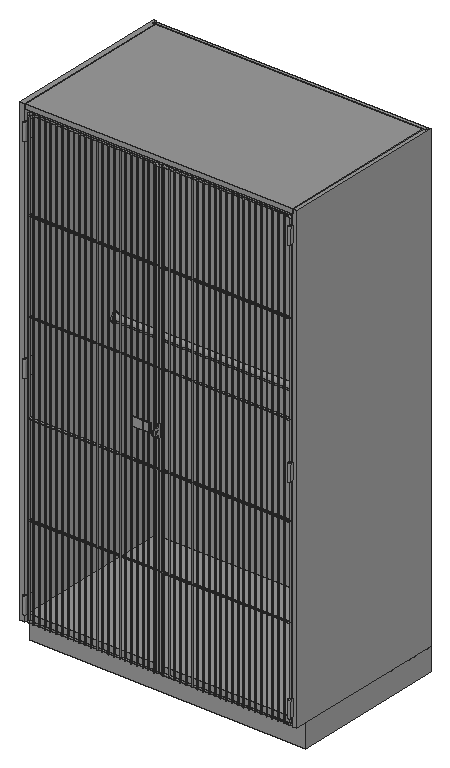
Revit family "TMI_M3105-Music_WireDoors1", category Casework, Revit 2016
Family settings
  OmniClass Number = 23.40.35.14.11
  OmniClass Title = Modular Casework
  Work Plane-Based = No
  Always vertical = Yes
  Cut with Voids When Loaded = No
  Shared = No
  Room Calculation Point = No
Parameters (values of type "48" x 84-1/2" x 29"")
  URL = "www.tmisystems.com"
  Toe Kick Height = 4"
  Toe Kick Depth = 2"
  Model = "M3105"
  Manufacturer = "TMI Systems Corporation"
  Interior Finish = none
  Filler Width (Left) [instance] = 3"
  Filler Right [instance] = no
  Filler Left [instance] = no
  Filler Width (Right) [instance] = 3"
  Description = "Uniforms, Robes"
  Depth = 29"
  Height = 84 1/2"
  Width = 48"
  Casework Thickness = 3/4"
  Casework Back Thickness = 1/2"
  Cabinet Finish = Plastic Laminate
  Assembly Code = ""
Types (2): name | Depth
  48" x 84-1/2" x 29" | 29"
  48" x 84-1/2" x 23" | 23"
Reference planes (in)
  plane 1 "Back": y = 15
  plane 2: z = 0
  plane 3 "Center (Left/Right)": x = 0.7377
  plane 4 "Left": x = -23.2623
  plane 5 "Right": x = 24.7377
  plane 6 "Front": y = -14
  plane 7 "Top": z = 84.5
  plane 8: y = 14.375
  plane 9: x = -22.5123
  plane 10: x = 23.9877
  plane 11: z = 83.75
  plane 12: y = 14.875
  plane 13: y = -12
  plane 14: z = 4
  plane 15: z = 5.125
  plane 16: y = -13.61906
  plane 17: y = -11.25
  plane 18: y = -13.25
  plane 19: y = -13.49461
  plane 20: z = 42.25
  plane 21: z = 83.25
  plane 22: x = 24.3627
  plane 23: x = -22.8873
  plane 24: y = -13.60344
  plane 25: y = 5.375
  plane 26: z = 80.75
  plane 27: x = -22.3873
  plane 28: x = 23.8627
  plane 29: z = 42.875
  plane 30: x = -0.5748
  plane 31: x = -3.7623
  plane 32: z = 42.5625
  plane 33: z = 41.0625
  plane 34: y = -14.125
Forms (in)
  Extrusion 1, solid, material "Plastic Laminate" <- "Cabinet Finish"
    sketch origin (0, 0.21844, 0) x (1, 0, 0) y (0, 1, 0)
      loop
        line (-23.2623, 14.78156) -> (-23.2623, -14.21844) -> (-22.5123, -14.21844) -> (-22.5123, 14.15656) -> (-22.88677, 14.15656) -> (-22.88677, 14.78156) -> (-23.2623, 14.78156)
      loop
        line (24.36077, 14.78156) -> (24.36077, 14.15656) -> (23.9877, 14.15656) -> (23.9877, -14.21844) -> (24.7377, -14.21844) -> (24.7377, 14.78156) -> (24.36077, 14.78156)
    from 4 to 84.5
  Extrusion 2, solid, material "Plastic Laminate" <- "Cabinet Finish"
    sketch origin (0.84915, 11.94613, -1.44731) x (1, 0, 0) y (0, 0, 1)
      loop
        line (-23.36145, 6.57231) -> (-23.36145, 5.44731) -> (23.13855, 5.44731) -> (23.13855, 6.57231) -> (-23.36145, 6.57231)
    from -2.42887 to 25.54956
  Extrusion 3, solid, material "Plastic Laminate" <- "Cabinet Finish"
    sketch origin (0, 0, 0) x (1, 0, 0) y (0, 1, 0)
      loop
        line (-22.88677, 14.875) -> (-22.88677, 14.375) -> (24.36077, 14.375) -> (24.36077, 14.875) -> (-22.88677, 14.875)
    from 84.5 to 4
  Extrusion 4, solid, material "Plastic Laminate" <- "Cabinet Finish", visible <- "Filler Right"
    sketch origin (0, -14, 0) x (1, 0, 0) y (0, 0, 1)
      loop
        line (24.7377, 84.5) -> (24.7377, 4) -> (27.7377, 4) -> (27.7377, 84.5) -> (24.7377, 84.5)
    from -0.75 to 0
  Extrusion 5, solid, material "Plastic Laminate" <- "Cabinet Finish", visible <- "Filler Left"
    sketch origin (0, -14, 0) x (1, 0, 0) y (0, 0, 1)
      loop
        line (-26.2623, 84.5) -> (-26.2623, 4) -> (-23.2623, 4) -> (-23.2623, 84.5) -> (-26.2623, 84.5)
    from -0.75 to 0
  Extrusion 6, solid, material "Wood"
    sketch origin (0, 0, 0) x (1, 0, 0) y (0, 0, 1)
      loop
        line (24.7377, 4) -> (-23.2623, 4) -> (-23.2623, 0) -> (24.7377, 0) -> (24.7377, 4)
    from -15 to 12
  Extrusion 7, solid, material "Wood", visible <- "Filler Right"
    sketch origin (0, 0, 0) x (1, 0, 0) y (0, 0, 1)
      loop
        line (27.7377, 4) -> (24.7377, 4) -> (24.7377, 0) -> (27.7377, 0) -> (27.7377, 4)
    from 11.25 to 12
  Extrusion 8, solid, material "Wood", visible <- "Filler Left"
    sketch origin (0, 0, 0) x (1, 0, 0) y (0, 0, 1)
      loop
        line (-23.2623, 4) -> (-26.2623, 4) -> (-26.2623, 0) -> (-23.2623, 0) -> (-23.2623, 4)
    from 11.25 to 12
  Extrusion 9, solid, material "Plastic Laminate" <- "Cabinet Finish"
    sketch origin (0, 15, 0) x (1, 0, 0) y (0, 0, 1)
      loop
        line (-22.5123, 84.5) -> (-22.5123, 83.75) -> (23.9877, 83.75) -> (23.9877, 84.5) -> (-22.5123, 84.5)
    from 0.625 to 29
  Extrusion 10, solid, material "Steel, Chrome"
    sketch origin (-23.2623, 0, 0) x (0, -1, 0) y (0, 0, 1)
      loop
        circle (-5.375, 80.75) r 0.5625
    from -47.25 to -0.75
  Extrusion 11, solid, material "Steel, Chrome"
    sketch origin (-23.2623, 0, 0) x (0, -1, 0) y (0, 0, 1)
      loop
        arc (-5.24454, 81.83318) -> (-5.375, 81.89022) -> (-5.50546, 81.83318) r 0.17773
        line (-5.50546, 81.83318) -> (-6.063, 81.0425)
        arc (-6.063, 81.0425) -> (-6.1437, 80.75) -> (-6.063, 80.4575) r 0.5704
        line (-6.063, 80.4575) -> (-5.50546, 79.63092)
        arc (-5.50546, 79.63092) -> (-5.375, 79.57388) -> (-5.24454, 79.63092) r 0.17773
        line (-5.24454, 79.63092) -> (-4.687, 80.4575)
        arc (-4.687, 80.4575) -> (-4.6063, 80.75) -> (-4.687, 81.0425) r 0.5704
        line (-4.687, 81.0425) -> (-5.24454, 81.83318)
      loop
        circle (-5.375, 81.63902) r 0.125
      loop
        circle (-5.375, 79.86098) r 0.125
      loop
        circle (-5.375, 80.75) r 0.5625
    from -0.875 to -0.75
  Extrusion 12, solid, material "Steel, Chrome"
    sketch origin (14.2377, 0, 0) x (0, -1, 0) y (0, 0, -1)
      loop
        line (-5.24454, -81.83318) -> (-4.687, -81.0425)
        arc (-4.687, -81.0425) -> (-4.6063, -80.75) -> (-4.687, -80.4575) r 0.5704
        line (-4.687, -80.4575) -> (-5.24454, -79.63092)
        arc (-5.24454, -79.63092) -> (-5.375, -79.57388) -> (-5.50546, -79.63092) r 0.17773
        line (-5.50546, -79.63092) -> (-6.063, -80.4575)
        arc (-6.063, -80.4575) -> (-6.1437, -80.75) -> (-6.063, -81.0425) r 0.5704
        line (-6.063, -81.0425) -> (-5.50546, -81.83318)
        arc (-5.50546, -81.83318) -> (-5.375, -81.89022) -> (-5.24454, -81.83318) r 0.17773
      loop
        circle (-5.375, -81.63902) r 0.125
      loop
        circle (-5.375, -79.86098) r 0.125
      loop
        circle (-5.375, -80.75) r 0.5625
    from 9.625 to 9.75
  Extrusion 13, solid, material "Steel, Chrome"
    sketch origin (-23.2623, 0, -34) x (0, -1, 0) y (0, 0, 1)
      loop
        circle (-5.375, 76.875) r 0.5625
    from -47.25 to -0.75
  Extrusion 14, solid, material "Steel, Chrome"
    sketch origin (-23.2623, 0, -34) x (0, -1, 0) y (0, 0, 1)
      loop
        arc (-5.24454, 77.95818) -> (-5.375, 78.01522) -> (-5.50546, 77.95818) r 0.17773
        line (-5.50546, 77.95818) -> (-6.063, 77.1675)
        arc (-6.063, 77.1675) -> (-6.1437, 76.875) -> (-6.063, 76.5825) r 0.5704
        line (-6.063, 76.5825) -> (-5.50546, 75.75592)
        arc (-5.50546, 75.75592) -> (-5.375, 75.69888) -> (-5.24454, 75.75592) r 0.17773
        line (-5.24454, 75.75592) -> (-4.687, 76.5825)
        arc (-4.687, 76.5825) -> (-4.6063, 76.875) -> (-4.687, 77.1675) r 0.5704
        line (-4.687, 77.1675) -> (-5.24454, 77.95818)
      loop
        circle (-5.375, 77.76402) r 0.125
      loop
        circle (-5.375, 75.98598) r 0.125
      loop
        circle (-5.375, 76.875) r 0.5625
    from -0.875 to -0.75
  Extrusion 15, solid, material "Steel, Chrome"
    sketch origin (14.2377, 0, -34) x (0, -1, 0) y (0, 0, -1)
      loop
        line (-5.24454, -77.95818) -> (-4.687, -77.1675)
        arc (-4.687, -77.1675) -> (-4.6063, -76.875) -> (-4.687, -76.5825) r 0.5704
        line (-4.687, -76.5825) -> (-5.24454, -75.75592)
        arc (-5.24454, -75.75592) -> (-5.375, -75.69888) -> (-5.50546, -75.75592) r 0.17773
        line (-5.50546, -75.75592) -> (-6.063, -76.5825)
        arc (-6.063, -76.5825) -> (-6.1437, -76.875) -> (-6.063, -77.1675) r 0.5704
        line (-6.063, -77.1675) -> (-5.50546, -77.95818)
        arc (-5.50546, -77.95818) -> (-5.375, -78.01522) -> (-5.24454, -77.95818) r 0.17773
      loop
        circle (-5.375, -77.76402) r 0.125
      loop
        circle (-5.375, -75.98598) r 0.125
      loop
        circle (-5.375, -76.875) r 0.5625
    from 9.625 to 9.75
  Extrusion 16, solid
    sketch origin (0, -14, 0) x (1, 0, 0) y (0, 0, 1)
      loop
        line (-3.7623, 42.5625) -> (-3.7623, 41.0625) -> (-0.5748, 41.0625) -> (-0.5748, 42.5625) -> (-3.7623, 42.5625)
    from 0 to 0.125
Lines and regions (in)
  Masking region 1
    outline origin (44.5, 0, 0) x (1, 0, 0) y (0, 1, 0)
      loop
        line (-67.7623, 15) -> (-67.7623, -14) -> (-19.7623, -14) -> (-19.7623, 15) -> (-67.7623, 15)
  Masking region 2, visible <- "Filler Left"
    outline origin (0, 0, 0) x (1, 0, 0) y (0, 1, 0)
      loop
        line (-26.2623, -13.25) -> (-26.2623, -14) -> (-23.2623, -14) -> (-23.2623, -13.25) -> (-26.2623, -13.25)
  Masking region 3, visible <- "Filler Right"
    outline origin (0, 0, 0) x (1, 0, 0) y (0, 1, 0)
      loop
        line (24.7377, -13.25) -> (24.7377, -14) -> (27.7377, -14) -> (27.7377, -13.25) -> (24.7377, -13.25)
  symbolic lines, style "CaseworkHiddenLines"
    curve 1: line (-0.1998, -14, 0) -> (-0.3248, -14, 0)
    curve 2: line (1.9252, -14, 0) -> (2.0502, -14, 0)
Dimensions and locks (in)
  "Width": plane 4 "Left" to plane 5 "Right"
  equal spacing: plane 4 "Left", plane 3 "Center (Left/Right)", plane 5 "Right"
  "Casework Thickness": plane 4 "Left" to plane 9
  "Casework Thickness": plane 10 to plane 5 "Right"
  "Casework Thickness": plane 7 "Top" to plane 11
  "Filler Width (Right)": plane 5 "Right" to Extrusion 4
  "Filler Width (Left)": Extrusion 5 to plane 4 "Left"
  "Depth": plane 6 "Front" to plane 1 "Back"
  locked: plane 12 to plane 1 "Back" at 0.125
  "Toe Kick Depth": plane 13 to plane 6 "Front"
  "Toe Kick Height": plane 14 to level
  "Height": plane 7 "Top" to level
  locked: plane 6 "Front" to plane 16 at 0.38094
  locked: plane 6 "Front" to plane 18 at 0.75
  locked: plane 17 to plane 13 at 0.75
  plane 16 to plane 19 = 0.12445"
  equal spacing: plane 7 "Top", plane 20, plane 2
  locked: plane 11 to plane 21 at 0.5
  locked: plane 15 to plane 14 at 1.125
  equal spacing: plane 4 "Left", plane 23, plane 9
  equal spacing: plane 10, plane 22, plane 5 "Right"
  "Casework Back Thickness": plane 12 to plane 8
  equal spacing: plane 23, plane 3 "Center (Left/Right)", plane 22
  locked: plane 16 to plane 24 at 0.01562
  locked: plane 1 "Back" to plane 25 at 9.625
  locked: plane 26 to plane 7 "Top" at 3.75
  plane 25 to Extrusion 11 sketch curve = 0.688"
  locked: plane 27 to plane 9 at 0.125
  locked: plane 28 to plane 10 at 0.125
  locked: plane 26 to plane 29 at 37.875
  locked: plane 3 "Center (Left/Right)" to plane 30 at 1.3125
  locked: plane 30 to plane 31 at 3.1875
  locked: plane 32 to plane 33 at 1.5
  locked: plane 32 to plane 14 at 38.5625
  locked: plane 34 to plane 6 "Front" at 0.125
  aligned and locked: plane 2 to level
  aligned and locked: Extrusion 1 sketch curve to plane 4 "Left"
  aligned and locked: Extrusion 1 sketch curve to plane 9
  aligned and locked: Extrusion 1 sketch curve to plane 10
  aligned and locked: Extrusion 1 sketch curve to plane 5 "Right"
  aligned and locked: plane 1 "Back" to Extrusion 1
  aligned and locked: Extrusion 1 to plane 1 "Back"
  aligned and locked: Extrusion 3 sketch curve to plane 8
  aligned and locked: Extrusion 1 to plane 7 "Top"
  aligned and locked: plane 7 "Top" to Extrusion 4 sketch curve
  aligned and locked: Extrusion 4 sketch curve to plane 5 "Right"
  aligned and locked: Extrusion 5 sketch curve to plane 7 "Top"
  aligned and locked: Extrusion 7 to Extrusion 6
  aligned and locked: Extrusion 8 to Extrusion 6
  aligned and locked: plane 14 to Extrusion 8
  aligned and locked: Extrusion 6 to plane 14
  aligned and locked: Extrusion 7 to plane 14
  aligned and locked: plane 14 to Extrusion 4
  aligned and locked: Extrusion 5 to plane 14
  aligned and locked: Extrusion 1 to plane 14
  aligned and locked: Extrusion 2 to plane 14
  aligned and locked: Extrusion 2 to plane 15
  aligned and locked: Extrusion 6 to Extrusion 1
  aligned and locked: Masking region 1 sketch curve to plane 1 "Back"
  aligned and locked: Extrusion 8 to plane 13
  aligned and locked: plane 4 "Left" to Masking region 2 sketch curve
  aligned and locked: Masking region 3 sketch curve to plane 5 "Right"
  aligned and locked: plane 6 "Front" to Extrusion 1  (x2)
  aligned and locked: plane 6 "Front" to Extrusion 4
  aligned and locked: Extrusion 5 to plane 6 "Front"
  aligned and locked: Extrusion 7 to plane 17
  aligned and locked: Extrusion 4 to plane 18
  aligned and locked: plane 18 to Extrusion 5
  aligned and locked: plane 17 to Extrusion 8
  aligned and locked: Extrusion 8 to Extrusion 5
  aligned and locked: Masking region 2 to Extrusion 5
  aligned and locked: plane 18 to Masking region 2
  aligned and locked: Extrusion 4 to Extrusion 7
  aligned and locked: Masking region 3 to Extrusion 4
  aligned and locked: Masking region 3 to plane 18
  aligned and locked: Extrusion 2 to plane 9
  aligned and locked: Extrusion 2 to plane 10
  aligned and locked: Extrusion 9 sketch curve to plane 11
  aligned and locked: plane 9 to Extrusion 9 sketch curve
  aligned and locked: Extrusion 9 sketch curve to plane 10
  aligned and locked: plane 6 "Front" to Extrusion 9
  aligned and locked: plane 9 to Extrusion 1
  aligned and locked: plane 6 "Front" to Masking region 1
  aligned and locked: Extrusion 9 to plane 7 "Top"
  aligned and locked: Extrusion 9 to plane 8
  aligned and locked: Extrusion 3 to Extrusion 1  (x2)
  aligned and locked: plane 8 to Extrusion 2
  aligned and locked: Extrusion 3 to plane 14
  aligned and locked: Extrusion 3 to plane 7 "Top"
  aligned and locked: Extrusion 2 to plane 24
  aligned and locked: plane 10 to Extrusion 10
  aligned and locked: Extrusion 10 to plane 9
  aligned and locked: Extrusion 11 to plane 9
  aligned and locked: plane 27 to Extrusion 11
  aligned and locked: plane 28 to Extrusion 12  (x2)
  aligned and locked: plane 10 to Extrusion 12
  aligned and locked: Extrusion 13 to plane 10
  aligned and locked: Extrusion 15 to plane 10
  aligned and locked: plane 28 to Extrusion 15
  aligned and locked: plane 9 to nested 1
  aligned and locked: nested 1 to plane 6 "Front"
  aligned and locked: nested 2 to plane 10
  aligned and locked: plane 6 "Front" to nested 2
  aligned and locked: plane 21 to nested 1
  aligned and locked: nested 2 to plane 21
  aligned and locked: Extrusion 16 to plane 6 "Front"
  aligned and locked: Extrusion 16 to plane 34
  aligned and locked: plane 31 to Extrusion 16
  aligned and locked: plane 30 to Extrusion 16
  aligned and locked: Extrusion 16 to plane 32
  aligned and locked: Extrusion 16 to plane 33
Automatic sketch dimensions
  curve 1 to level = 0"
  curve 2 to level = 0"
  curve 1 to plane 3 "Center (Left/Right)" = 1 1/16"
  curve 1 to curve 1 = 1/8"
  plane 3 "Center (Left/Right)" to curve 2 = 1 3/16"
  curve 2 to curve 2 = 1/8"
  plane 1 "Back" to Extrusion 1 sketch curve = 0"  (x2)
  Extrusion 1 sketch curve to plane 8 = 0"  (x2)
  plane 6 "Front" to Extrusion 1 sketch curve = 0"  (x2)
  Extrusion 1 sketch curve to plane 23 = 0.00052"
  plane 22 to Extrusion 1 sketch curve = 0.00194"
  Extrusion 2 sketch curve to plane 9 = 0"
  plane 10 to Extrusion 2 sketch curve = 0"
  Extrusion 2 sketch curve to plane 14 = 0"
  Extrusion 2 sketch curve to plane 15 = 0"
  Extrusion 3 sketch curve to plane 12 = 0"
  Extrusion 3 sketch curve to plane 23 = 0.00052"
  plane 22 to Extrusion 3 sketch curve = 0.00194"
  Extrusion 4 sketch curve to plane 14 = 0"
  Extrusion 4 sketch curve to plane 5 "Right" = 3"
  Extrusion 5 sketch curve to plane 14 = 0"
  plane 4 "Left" to Extrusion 5 sketch curve = 0"
  Extrusion 5 sketch curve to Extrusion 5 sketch curve = 3"
  plane 4 "Left" to Extrusion 6 sketch curve = 0"
  Extrusion 6 sketch curve to level = 0"
  plane 5 "Right" to Extrusion 6 sketch curve = 0"
  Extrusion 6 sketch curve to plane 14 = 0"
  plane 5 "Right" to Extrusion 7 sketch curve = 0"
  Extrusion 7 sketch curve to level = 0"
  Extrusion 7 sketch curve to plane 14 = 0"
  Extrusion 7 sketch curve to plane 5 "Right" = 3"
  Extrusion 8 sketch curve to plane 14 = 0"
  Extrusion 8 sketch curve to level = 0"
  plane 4 "Left" to Extrusion 8 sketch curve = 0"
  Extrusion 8 sketch curve to Extrusion 8 sketch curve = 3"
  Masking region 1 sketch curve to plane 4 "Left" = 0"
  Masking region 1 sketch curve to plane 5 "Right" = 0"
  plane 6 "Front" to Masking region 1 sketch curve = 0"
  plane 6 "Front" to Masking region 2 sketch curve = 0"
  plane 18 to Masking region 2 sketch curve = 0"
  plane 4 "Left" to Masking region 2 sketch curve = 3"
  plane 6 "Front" to Masking region 3 sketch curve = 0"
  plane 18 to Masking region 3 sketch curve = 0"
  Masking region 3 sketch curve to Masking region 3 sketch curve = 3"
  Extrusion 9 sketch curve to plane 7 "Top" = 0"
  Extrusion 10 sketch curve to plane 25 = 0"
  Extrusion 10 sketch curve to plane 26 = 0"
  Extrusion 11 sketch curve to plane 26 = 0"  (x3)
  Extrusion 11 sketch curve to plane 25 = 0"  (x5)
  Extrusion 11 sketch curve to plane 25 = 0.13046"  (x2)
  Extrusion 11 sketch curve to Extrusion 11 sketch curve = 0.1983"
  plane 26 to Extrusion 11 sketch curve = 0.2925"  (x2)
  Extrusion 11 sketch curve to Extrusion 11 sketch curve = 0.48969"  (x2)
  Extrusion 11 sketch curve to plane 26 = 0.2925"
  plane 25 to Extrusion 11 sketch curve = 0.13046"  (x2)
  plane 25 to Extrusion 11 sketch curve = 0.1983"
  Extrusion 11 sketch curve to plane 26 = 0.88902"
  Extrusion 11 sketch curve to Extrusion 11 sketch curve = 7/64"
  Extrusion 11 sketch curve to Extrusion 11 sketch curve = 0.12069"  (x2)
  Extrusion 11 sketch curve to Extrusion 11 sketch curve = 0.88902"
  Extrusion 11 sketch curve to Extrusion 11 sketch curve = 0.07347"
  Extrusion 12 sketch curve to plane 26 = 0"  (x3)
  Extrusion 12 sketch curve to plane 25 = 0"  (x5)
  Extrusion 12 sketch curve to plane 25 = 0.13046"  (x2)
  Extrusion 12 sketch curve to Extrusion 12 sketch curve = 0.1983"
  plane 26 to Extrusion 12 sketch curve = 0.2925"  (x2)
  Extrusion 12 sketch curve to Extrusion 12 sketch curve = 0.48969"  (x2)
  Extrusion 12 sketch curve to plane 26 = 0.2925"  (x2)
  plane 25 to Extrusion 12 sketch curve = 0.13046"  (x2)
  plane 25 to Extrusion 12 sketch curve = 0.1983"
  plane 26 to Extrusion 12 sketch curve = 0.88902"
  Extrusion 12 sketch curve to Extrusion 12 sketch curve = 0.07347"
  Extrusion 12 sketch curve to Extrusion 12 sketch curve = 0.12069"  (x2)
  Extrusion 12 sketch curve to Extrusion 12 sketch curve = 0.88902"
  Extrusion 12 sketch curve to Extrusion 12 sketch curve = 7/64"
  Extrusion 13 sketch curve to plane 25 = 0"
  Extrusion 13 sketch curve to plane 29 = 0"
  Extrusion 14 sketch curve to plane 29 = 0"  (x3)
  Extrusion 14 sketch curve to plane 25 = 0"  (x5)
  Extrusion 14 sketch curve to plane 25 = 0.13046"  (x2)
  Extrusion 14 sketch curve to Extrusion 14 sketch curve = 0.1983"
  plane 29 to Extrusion 14 sketch curve = 0.2925"  (x2)
  Extrusion 14 sketch curve to Extrusion 14 sketch curve = 0.48969"  (x2)
  Extrusion 14 sketch curve to plane 29 = 0.2925"  (x2)
  plane 25 to Extrusion 14 sketch curve = 0.13046"  (x2)
  plane 25 to Extrusion 14 sketch curve = 0.1983"
  Extrusion 14 sketch curve to Extrusion 14 sketch curve = 0.88902"
  Extrusion 14 sketch curve to Extrusion 14 sketch curve = 7/64"
  Extrusion 14 sketch curve to Extrusion 14 sketch curve = 0.12069"  (x2)
  plane 29 to Extrusion 14 sketch curve = 0.88902"
  Extrusion 14 sketch curve to Extrusion 14 sketch curve = 0.07347"
  Extrusion 15 sketch curve to plane 29 = 0"  (x3)
  Extrusion 15 sketch curve to plane 25 = 0"  (x5)
  Extrusion 15 sketch curve to plane 25 = 0.13046"  (x2)
  Extrusion 15 sketch curve to Extrusion 15 sketch curve = 0.1983"
  plane 29 to Extrusion 15 sketch curve = 0.2925"  (x2)
  Extrusion 15 sketch curve to Extrusion 15 sketch curve = 0.48969"  (x2)
  Extrusion 15 sketch curve to plane 29 = 0.2925"  (x2)
  plane 25 to Extrusion 15 sketch curve = 0.13046"  (x2)
  plane 25 to Extrusion 15 sketch curve = 0.1983"
  plane 29 to Extrusion 15 sketch curve = 0.88902"
  Extrusion 15 sketch curve to Extrusion 15 sketch curve = 0.07347"
  Extrusion 15 sketch curve to Extrusion 15 sketch curve = 0.12069"  (x2)
  Extrusion 15 sketch curve to Extrusion 15 sketch curve = 0.88902"
  Extrusion 15 sketch curve to Extrusion 15 sketch curve = 7/64"
  plane 5 "Right" to Extrusion 16 sketch curve = 28 1/2"
  Extrusion 16 sketch curve to Extrusion 16 sketch curve = 3 3/16"
  plane 33 to Extrusion 16 sketch curve = 0"
  Extrusion 16 sketch curve to Extrusion 16 sketch curve = 1 1/2"
  radius of Extrusion 10 sketch curve = 9/16"
  radius of Extrusion 11 sketch curve = 1/8"  (x2)
  radius of Extrusion 11 sketch curve = 9/16"
  radius of Extrusion 12 sketch curve = 1/8"  (x2)
  radius of Extrusion 12 sketch curve = 9/16"
  radius of Extrusion 13 sketch curve = 9/16"
  radius of Extrusion 14 sketch curve = 1/8"  (x2)
  radius of Extrusion 14 sketch curve = 9/16"
  radius of Extrusion 15 sketch curve = 1/8"  (x2)
  radius of Extrusion 15 sketch curve = 9/16"
Nested families (in)
  nested 1: "Full Height Wire Grille Door 48in Wide (2 Doors)" at (-10.76315, -13.76369, 4), type "Full Height Wire Grille Door 48in Wide (2 Doors)"
    with Number of Verticle Bars 22, Bar Spacing 1"
  nested 2: "Full Height Wire Grille Door 48in Wide (2 Doors)" at (12.23856, -13.76369, 4) x (-1, 0, 0) z (0, 0, 1), type "Full Height Wire Grille Door 48in Wide (2 Doors)"
    with Number of Verticle Bars 22, Bar Spacing 1"
Definition of nested family "Full Height Wire Grille Door 48in Wide (2 Doors)"
  Parameters (values of type "Full Height Wire Grille Door 48in Wide (2 Doors)")
    Width = 22 1/2"
    Pull height from Bottom of Casework = 37 13/16"
    Number of Verticle Bars [instance] = (Width / Bar Spacing) - 1  # 22
    Height = 79 1/4"
    Distance of Hinge from Edge of Casework = 2 13/16"
    Bar Spacing [instance] = 1"
  Reference planes (in)
    plane 1 "Center (Front/Back)": y = 0
    plane 2: z = 0
    plane 3 "Center (Left/Right)": x = 0
    plane 4: x = -11.37415
    plane 5: x = -11.12585
    plane 6: z = 79.25
    plane 7: z = 79
    plane 8: z = 79.125
    plane 9: x = -11.25
    plane 10: x = 11.38138
    plane 11: x = 11.11862
    plane 12: x = 11.25
    plane 13: z = 0.25
    plane 14: z = 0.125
    plane 15: y = -0.125
    plane 16: z = 39.625
    plane 17: z = 47.525
    plane 18: z = 63.325
    plane 19: z = 31.725
    plane 20: z = 15.925
    plane 21: y = -0.17188
    plane 22: x = -10.25
    plane 23: y = 0.28516
    plane 24: y = -0.23631
    plane 25: z = 37.8125
    plane 26: z = 2.8125
    plane 27: z = 76.4375
    plane 28: z = 38.9375
    plane 29: x = -10.25
    plane 30: y = -0.17188
    plane 31: x = -9.25
    plane 32: y = -0.17188
    plane 33: x = -8.25
    plane 34: y = -0.17188
    plane 35: x = -7.25
    plane 36: y = -0.17188
    plane 37: x = -6.25
    plane 38: y = -0.17188
    plane 39: x = -5.25
    plane 40: y = -0.17188
    plane 41: x = -4.25
    plane 42: y = -0.17188
    plane 43: x = -3.25
    plane 44: y = -0.17188
    plane 45: x = -2.25
    plane 46: y = -0.17188
    plane 47: x = -1.25
    plane 48: y = -0.17188
    plane 49: x = -0.25
    plane 50: y = -0.17188
    plane 51: x = 0.75
    plane 52: y = -0.17188
    plane 53: x = 1.75
    plane 54: y = -0.17188
    plane 55: x = 2.75
    plane 56: y = -0.17188
    plane 57: x = 3.75
    plane 58: y = -0.17188
    plane 59: x = 4.75
    plane 60: y = -0.17188
    plane 61: x = 5.75
    plane 62: y = -0.17188
    plane 63: x = 6.75
    plane 64: y = -0.17188
    plane 65: x = 7.75
    plane 66: y = -0.17188
    plane 67: x = 8.75
    plane 68: y = -0.17188
    plane 69: x = 9.75
    plane 70: y = -0.17188
    plane 71: x = 10.75
    plane 72: y = -0.17188
  Forms (in)
    Sweep 1, solid
      path origin (0, 0, 0) x (1, 0, 0) y (0, 0, 1)
        loop
          arc (-11, 79.125) -> (-11.17678, 79.05178) -> (-11.25, 78.875) r 0.25
          line (-11.25, 78.875) -> (-11.25, 0.375)
          arc (-11.25, 0.375) -> (-11.17678, 0.19822) -> (-11, 0.125) r 0.25
          line (-11, 0.125) -> (11, 0.125)
          arc (11, 0.125) -> (11.17678, 0.19822) -> (11.25, 0.375) r 0.25
          line (11.25, 0.375) -> (11.25, 78.875)
          arc (11.25, 78.875) -> (11.17678, 79.05178) -> (11, 79.125) r 0.25
          line (11, 79.125) -> (-11, 79.125)
      profile "4 Circle : 4 Circle" origin (0, 0, 79.125) x (0, 0, 1) y (0, -1, 0)
        loop
          circle (0, 0) r 0.125
    Extrusion 2, solid
      sketch origin (0, 0, 0) x (0, 1, 0) y (0, 0, 1)
        loop
          circle (0, 63.325) r 0.125
        loop
          circle (0, 47.525) r 0.125
        loop
          circle (0, 15.925) r 0.125
        loop
          circle (0, 31.725) r 0.125
      from -11.25 to 11.25
    Extrusion 3, solid
      sketch origin (0, 0, 0) x (1, 0, 0) y (0, 1, 0)
        loop
          circle (-10.25, -0.17188) r 0.06444
      from 0 to 79.25
    Extrusion 4, solid
      sketch origin (1, 0, 0) x (1, 0, 0) y (0, 1, 0)
        loop
          circle (-10.25, -0.17188) r 0.06444
      from 0 to 79.25
    Extrusion 5, solid
      sketch origin (2, 0, 0) x (1, 0, 0) y (0, 1, 0)
        loop
          circle (-10.25, -0.17188) r 0.06444
      from 0 to 79.25
    Extrusion 6, solid
      sketch origin (3, 0, 0) x (1, 0, 0) y (0, 1, 0)
        loop
          circle (-10.25, -0.17188) r 0.06444
      from 0 to 79.25
    Extrusion 7, solid
      sketch origin (4, 0, 0) x (1, 0, 0) y (0, 1, 0)
        loop
          circle (-10.25, -0.17188) r 0.06444
      from 0 to 79.25
    Extrusion 8, solid
      sketch origin (5, 0, 0) x (1, 0, 0) y (0, 1, 0)
        loop
          circle (-10.25, -0.17188) r 0.06444
      from 0 to 79.25
    Extrusion 9, solid
      sketch origin (6, 0, 0) x (1, 0, 0) y (0, 1, 0)
        loop
          circle (-10.25, -0.17188) r 0.06444
      from 0 to 79.25
    Extrusion 10, solid
      sketch origin (7, 0, 0) x (1, 0, 0) y (0, 1, 0)
        loop
          circle (-10.25, -0.17188) r 0.06444
      from 0 to 79.25
    Extrusion 11, solid
      sketch origin (8, 0, 0) x (1, 0, 0) y (0, 1, 0)
        loop
          circle (-10.25, -0.17188) r 0.06444
      from 0 to 79.25
    Extrusion 12, solid
      sketch origin (9, 0, 0) x (1, 0, 0) y (0, 1, 0)
        loop
          circle (-10.25, -0.17188) r 0.06444
      from 0 to 79.25
    Extrusion 13, solid
      sketch origin (10, 0, 0) x (1, 0, 0) y (0, 1, 0)
        loop
          circle (-10.25, -0.17188) r 0.06444
      from 0 to 79.25
    Extrusion 14, solid
      sketch origin (11, 0, 0) x (1, 0, 0) y (0, 1, 0)
        loop
          circle (-10.25, -0.17188) r 0.06444
      from 0 to 79.25
    Extrusion 15, solid
      sketch origin (12, 0, 0) x (1, 0, 0) y (0, 1, 0)
        loop
          circle (-10.25, -0.17188) r 0.06444
      from 0 to 79.25
    Extrusion 16, solid
      sketch origin (13, 0, 0) x (1, 0, 0) y (0, 1, 0)
        loop
          circle (-10.25, -0.17188) r 0.06444
      from 0 to 79.25
    Extrusion 17, solid
      sketch origin (14, 0, 0) x (1, 0, 0) y (0, 1, 0)
        loop
          circle (-10.25, -0.17188) r 0.06444
      from 0 to 79.25
    Extrusion 18, solid
      sketch origin (15, 0, 0) x (1, 0, 0) y (0, 1, 0)
        loop
          circle (-10.25, -0.17188) r 0.06444
      from 0 to 79.25
    Extrusion 19, solid
      sketch origin (16, 0, 0) x (1, 0, 0) y (0, 1, 0)
        loop
          circle (-10.25, -0.17188) r 0.06444
      from 0 to 79.25
    Extrusion 20, solid
      sketch origin (17, 0, 0) x (1, 0, 0) y (0, 1, 0)
        loop
          circle (-10.25, -0.17188) r 0.06444
      from 0 to 79.25
    Extrusion 21, solid
      sketch origin (18, 0, 0) x (1, 0, 0) y (0, 1, 0)
        loop
          circle (-10.25, -0.17188) r 0.06444
      from 0 to 79.25
    Extrusion 22, solid
      sketch origin (19, 0, 0) x (1, 0, 0) y (0, 1, 0)
        loop
          circle (-10.25, -0.17188) r 0.06444
      from 0 to 79.25
    Extrusion 23, solid
      sketch origin (20, 0, 0) x (1, 0, 0) y (0, 1, 0)
        loop
          circle (-10.25, -0.17188) r 0.06444
      from 0 to 79.25
    Extrusion 24, solid
      sketch origin (21, 0, 0) x (1, 0, 0) y (0, 1, 0)
        loop
          circle (-10.25, -0.17188) r 0.06444
      from 0 to 79.25
  Lines and regions (in)
    model lines
      curve 1: line (11.27951, 0, 79.125) -> (-11.25002, 0, 39.625)
      curve 2: line (-11.25002, 0, 39.625) -> (11.25, 0, 0.125)
  Dimensions and locks (in)
    locked: plane 6 to plane 7 at 0.25
    equal spacing: plane 6, plane 8, plane 7
    equal spacing: plane 4, plane 9, plane 5
    locked: plane 4 to plane 5 at 0.24829
    equal spacing: plane 10, plane 12, plane 11
    plane 10 to plane 11 = 0.26276"
    equal spacing: plane 13, plane 14, plane 2
    locked: plane 13 to plane 2 at 0.25
    equal spacing: plane 12, plane 3 "Center (Left/Right)", plane 9
    locked: plane 15 to plane 1 "Center (Front/Back)" at 0.125
    "Width": plane 12 to plane 9
    "Height": plane 6 to plane 2
    plane 8 to plane 14 = 79"
    equal spacing: plane 8, plane 18, plane 17, plane 19, plane 20, plane 14
    "Bar Spacing": plane 9 to plane 22
    locked: plane 15 to plane 21 at 0.04688
    plane 1 "Center (Front/Back)" to plane 23 = 73/256"
    locked: plane 21 to plane 24 at 0.06444
    "Pull height from Bottom of Casework": plane 25 to plane 2
    "Distance of Hinge from Edge of Casework": plane 6 to plane 27
    "Distance of Hinge from Edge of Casework": plane 26 to plane 2
    equal spacing: plane 6, plane 16, level
    locked: plane 28 to plane 25 at 1.125
    equal spacing: group 1, group 2, group 3, group 4, group 5, group 6, group 7, group 8, group 9, group 10, group 11, group 12, group 13, group 14, group 15, group 16, group 17, group 18, group 19, group 20, group 21, group 22  (x3)
    aligned and locked: plane 2 to level
    aligned and locked: Sweep 1 sketch curve to plane 12
    aligned and locked: Sweep 1 sketch curve to plane 8
    aligned and locked: plane 9 to Sweep 1 sketch curve
    aligned and locked: plane 14 to Sweep 1 sketch curve
    aligned and locked: Extrusion 2 to plane 12
    aligned and locked: Extrusion 2 to plane 9
    aligned and locked: nested 1 to plane 10
    aligned and locked: plane 23 to nested 1
    aligned and locked: plane 10 to nested 1
    aligned and locked: nested 2 to plane 4
    aligned and locked: plane 24 to nested 2
    aligned and locked: nested 2 to plane 27
    aligned and locked: nested 3 to plane 4
    aligned and locked: plane 24 to nested 3
    aligned and locked: nested 3 to plane 26
    aligned and locked: nested 4 to plane 4
    aligned and locked: nested 4 to plane 16
    aligned and locked: plane 24 to nested 4
    aligned and locked: nested 1 to plane 28
    aligned and locked: Extrusion 3 to level
    aligned and locked: plane 6 to Extrusion 3
  Automatic sketch dimensions
    plane 5 to Sweep 1 sketch curve = 0.12585"
    Sweep 1 sketch curve to Sweep 1 sketch curve = 1/4"  (x2)
    plane 11 to Sweep 1 sketch curve = 0.11862"
    Extrusion 2 sketch curve to plane 1 "Center (Front/Back)" = 0"  (x4)
    Extrusion 2 sketch curve to plane 20 = 0"
    Extrusion 2 sketch curve to plane 19 = 0"
    Extrusion 2 sketch curve to plane 17 = 0"
    Extrusion 2 sketch curve to plane 18 = 0"
    curve 2 to plane 16 = 0"
    plane 12 to curve 2 = 0"
    curve 1 to plane 8 = 0"
    curve 2 to plane 14 = 0"
    curve 2 to plane 9 = 0"
    curve 1 to plane 12 = 0.02951"
    Extrusion 3 sketch curve to plane 29 = 0"
    Extrusion 3 sketch curve to plane 30 = 0"
    Extrusion 4 sketch curve to plane 31 = 0"
    Extrusion 4 sketch curve to plane 32 = 0"
    Extrusion 5 sketch curve to plane 33 = 0"
    Extrusion 5 sketch curve to plane 34 = 0"
    Extrusion 6 sketch curve to plane 35 = 0"
    Extrusion 6 sketch curve to plane 36 = 0"
    Extrusion 7 sketch curve to plane 37 = 0"
    Extrusion 7 sketch curve to plane 38 = 0"
    Extrusion 8 sketch curve to plane 39 = 0"
    Extrusion 8 sketch curve to plane 40 = 0"
    Extrusion 9 sketch curve to plane 41 = 0"
    Extrusion 9 sketch curve to plane 42 = 0"
    Extrusion 10 sketch curve to plane 43 = 0"
    Extrusion 10 sketch curve to plane 44 = 0"
    Extrusion 11 sketch curve to plane 45 = 0"
    Extrusion 11 sketch curve to plane 46 = 0"
    Extrusion 12 sketch curve to plane 47 = 0"
    Extrusion 12 sketch curve to plane 48 = 0"
    Extrusion 13 sketch curve to plane 49 = 0"
    Extrusion 13 sketch curve to plane 50 = 0"
    Extrusion 14 sketch curve to plane 51 = 0"
    Extrusion 14 sketch curve to plane 52 = 0"
    Extrusion 15 sketch curve to plane 53 = 0"
    Extrusion 15 sketch curve to plane 54 = 0"
    Extrusion 16 sketch curve to plane 55 = 0"
    Extrusion 16 sketch curve to plane 56 = 0"
    Extrusion 17 sketch curve to plane 57 = 0"
    Extrusion 17 sketch curve to plane 58 = 0"
    Extrusion 18 sketch curve to plane 59 = 0"
    Extrusion 18 sketch curve to plane 60 = 0"
    Extrusion 19 sketch curve to plane 61 = 0"
    Extrusion 19 sketch curve to plane 62 = 0"
    Extrusion 20 sketch curve to plane 63 = 0"
    Extrusion 20 sketch curve to plane 64 = 0"
    Extrusion 21 sketch curve to plane 65 = 0"
    Extrusion 21 sketch curve to plane 66 = 0"
    Extrusion 22 sketch curve to plane 67 = 0"
    Extrusion 22 sketch curve to plane 68 = 0"
    Extrusion 23 sketch curve to plane 69 = 0"
    Extrusion 23 sketch curve to plane 70 = 0"
    Extrusion 24 sketch curve to plane 71 = 0"
    Extrusion 24 sketch curve to plane 72 = 0"
    radius of Extrusion 2 sketch curve = 1/8"  (x4)
    radius of Extrusion 3 sketch curve = 0.06444"
    radius of Extrusion 4 sketch curve = 0.06444"
    radius of Extrusion 5 sketch curve = 0.06444"
    radius of Extrusion 6 sketch curve = 0.06444"
    radius of Extrusion 7 sketch curve = 0.06444"
    radius of Extrusion 8 sketch curve = 0.06444"
    radius of Extrusion 9 sketch curve = 0.06444"
    radius of Extrusion 10 sketch curve = 0.06444"
    radius of Extrusion 11 sketch curve = 0.06444"
    radius of Extrusion 12 sketch curve = 0.06444"
    radius of Extrusion 13 sketch curve = 0.06444"
    radius of Extrusion 14 sketch curve = 0.06444"
    radius of Extrusion 15 sketch curve = 0.06444"
    radius of Extrusion 16 sketch curve = 0.06444"
    radius of Extrusion 17 sketch curve = 0.06444"
    radius of Extrusion 18 sketch curve = 0.06444"
    radius of Extrusion 19 sketch curve = 0.06444"
    radius of Extrusion 20 sketch curve = 0.06444"
    radius of Extrusion 21 sketch curve = 0.06444"
    radius of Extrusion 22 sketch curve = 0.06444"
    radius of Extrusion 23 sketch curve = 0.06444"
    radius of Extrusion 24 sketch curve = 0.06444"
  Nested families (in)
    nested 1: "Pad Lock" at (11.38138, -0.33984, 37.8125), type "Pad Lock"
    nested 2: "5k hinge (music)" at (-11.5929, 0.76369, 75.03125) x (-1, 0, 0) z (0, 0, 1), type "5k hinge (music)"
      with Width 16"
    nested 3: "5k hinge (music)" at (-11.5929, 0.76369, 1.40625) x (-1, 0, 0) z (0, 0, 1), type "5k hinge (music)"
      with Width 16"
    nested 4: "5k hinge (music)" at (-11.5929, 0.76369, 38.21875) x (-1, 0, 0) z (0, 0, 1), type "5k hinge (music)"
      with Width 16"
  Definition of nested family "Pad Lock"
    Reference planes (in)
      plane 1 "Center (Front/Back)": y = 0
      plane 2: z = 0
      plane 3 "Center (Left/Right)": x = 0
      plane 4: z = 1.125
      plane 5: z = -1.125
      plane 6: y = -1.125
      plane 7: y = 0.625
      plane 8: y = -0.5625
      plane 9: x = 0.0625
    Forms (in)
      Extrusion 1, solid
        sketch origin (0, 0.00036, 0.01611) x (0, 0, 1) y (0, -1, 0)
          loop
            line (0.98389, 0) -> (0.56967, 0) -> (0.56967, 0.56286)
            arc (0.56967, 0.56286) -> (0, 1.13253) -> (-0.56967, 0.56286) r 0.56967
            line (-0.56967, 0.56286) -> (-0.56967, 0) -> (-1.01611, 0)
            arc (-1.01611, 0) -> (-1.1045, -0.03661) -> (-1.14111, -0.125) r 0.125
            line (-1.14111, -0.125) -> (-1.14111, -0.62464) -> (1.10889, -0.62464) -> (1.10889, -0.125)
            arc (1.10889, -0.125) -> (1.07227, -0.03661) -> (0.98389, 0) r 0.125
          loop
            circle (0, 0.56286) r 0.375
        from 0 to 0.0625
    Dimensions and locks (in)
      locked: plane 4 to plane 5 at 2.25
      locked: plane 6 to plane 7 at 1.75
      locked: plane 9 to plane 3 "Center (Left/Right)" at 0.0625
      equal spacing: plane 1 "Center (Front/Back)", plane 8, plane 6
      locked: plane 7 to plane 1 "Center (Front/Back)" at 0.625
      equal spacing: plane 5, plane 2, plane 4
      aligned and locked: plane 2 to level
      aligned and locked: plane 9 to Extrusion 1
    Automatic sketch dimensions
      Extrusion 1 sketch curve to Extrusion 1 sketch curve = 0"  (x2)
      Extrusion 1 sketch curve to plane 5 = 0"
      Extrusion 1 sketch curve to plane 8 = 0"
      plane 4 to Extrusion 1 sketch curve = 0"
      Extrusion 1 sketch curve to plane 7 = 0"
      Extrusion 1 sketch curve to plane 1 "Center (Front/Back)" = 0.00036"
      plane 5 to Extrusion 1 sketch curve = 1/8"
      Extrusion 1 sketch curve to level = 0.55355"
      level to Extrusion 1 sketch curve = 0.01611"
      Extrusion 1 sketch curve to Extrusion 1 sketch curve = 1/8"
      Extrusion 1 sketch curve to plane 1 "Center (Front/Back)" = 0.12536"
      radius of Extrusion 1 sketch curve = 3/8"
  Definition of nested family "5k hinge (music)"
    Parameters (values of type "5k hinge (music)")
      door thickness = 1"
      Width [instance] = 16"
      Hinge Distance from Door = 9/16"
      5K hinge size = 2 13/16"
    Reference planes (in)
      plane 1 "Center (Front/Back)": y = 0
      plane 2: z = 0
      plane 3 "Center (Left/Right)": x = 0
      plane 4: x = -0.15625
      plane 5: y = -1
      plane 6: y = -0.5
      plane 7: y = -1.5625
      plane 8: y = -1.28125
      plane 9: x = 0.15625
      plane 10: z = 2.8125
      plane 11: z = 1.40625
      plane 12: x = -0.21875
    Forms (in)
      Extrusion 1, solid
        sketch origin (-8.15625, 0, 0) x (1, 0, 0) y (0, 1, 0)
          loop
            line (8.15625, -1) -> (8.15625, -1.04949)
            arc (8.15625, -1.04949) -> (7.85521, -1.421) -> (8.3125, -1.28125) r 0.25
            line (8.3125, -1.28125) -> (8.3125, 0) -> (8.15625, 0) -> (7.9375, 0) -> (7.9375, -1) -> (8.15625, -1)
        from 0 to 2.8125
    Dimensions and locks (in)
      equal spacing: plane 1 "Center (Front/Back)", plane 6, plane 5
      "Hinge Distance from Door": plane 5 to plane 7
      equal spacing: plane 5, plane 8, plane 7
      "5K hinge size": plane 10 to plane 2
      "door thickness": plane 1 "Center (Front/Back)" to plane 5
      equal spacing: plane 10, plane 11, plane 2
      equal spacing: plane 4, plane 3 "Center (Left/Right)", plane 9
      plane 4 to plane 9 = 5/16"
      plane 12 to plane 4 = 1/16"
      aligned and locked: plane 2 to level
      aligned and locked: plane 5 to Extrusion 1 sketch curve
      aligned and locked: Extrusion 1 to plane 10
      aligned and locked: plane 9 to Extrusion 1
      aligned and locked: Extrusion 1 to plane 2
      aligned and locked: plane 12 to Extrusion 1 sketch curve
    Automatic sketch dimensions
      Extrusion 1 sketch curve to plane 8 = 0"
      plane 1 "Center (Front/Back)" to Extrusion 1 sketch curve = 0"
      Extrusion 1 sketch curve to plane 9 = 0"
      plane 4 to Extrusion 1 sketch curve = 1/16"
      Extrusion 1 sketch curve to plane 3 "Center (Left/Right)" = 0"  (x2)
